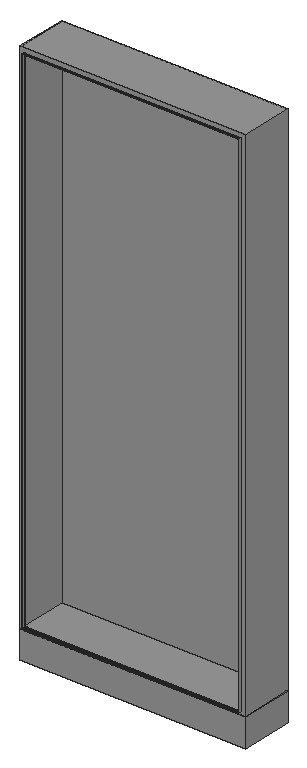
Revit family "Hager-Univers-IP30-D205-H1950-Cl.II-Encl-NoHosted-NL-en", category Equipement électrique, Revit 2020
Family settings
  Configuration du panneau = Deux colonnes, circuits au sein
  Cote de connecteur circulaire = Utiliser le diamètre
  Type d'élément = Tableau de raccordement
  Basée sur le plan de construction = Oui
  Toujours verticalement = Oui
  Couper avec des vides une fois chargée = Non
  Partagée = Non
  Point de calcul de pièce = Non
Parameters (values of type "Floor installation IP30 W800 H1950 D205  - FP23S1N")
  Width Control [instance] = if([EF000008 - Width] > Min Width, [EF000008 - Width], Min Width)  # 800 mm
  Commentaires du type = [HG000003 - Range]  # "Univers"
  Thickness Door [instance] = if([EF009171 - Material plate thickness door/cover] > 3 mm, 3 mm, [EF009171 - Material plate thickness door/cover])  # 1 mm
  Seal Frame Offset [instance] = 17 mm  # constant formula
  Plinth Visibility [instance] = [HG000027 - Plinth height] > 0 mm  # yes
  Min Width [instance] = 100 mm  # constant formula
  Min Depth [instance] = (2 * [EF009170 - Material plate thickness cabinet]) + 1 mm  # 3 mm
  Min Height [instance] = 100 mm  # constant formula
  Internal Frame Depth [instance] = (Door System Depth * 0.5)  # 9 mm
  Panel Name [instance] = ""  # (empty or 0)
  Model = ""
  HG000027 - Plinth height = 100 mm
  HG000026 - Floor standing = yes
  HG000024 - Bottom section height = 600 mm
  HG000023 - Double section enclosure = no
  HG000016 - Door 3d visibility [instance] = yes
  HG000015 - Clearance visibility [instance] = no
  HG000014 - Door on the right [instance] = yes
  HG000013 - Door on the left [instance] = not([HG000014 - Door on the right])  # no
  HG000012 - Door swing angle [instance] = 30.00°
  HG000010 - Asymmetric doors = no
  HG000009 - Double swing door = no
  HG000006 - Flush mounted = no
  HG000004 - Manufacturer reference = "FP23S1N"
  HG000003 - Range = "Univers"
  HG000002 - With door or cover = no
  Frame Offset Bottom [instance] = 10 mm  # constant formula
  Frame Offset [instance] = 15 mm  # constant formula
  EF015940 - Cover with overpressure release = no
  EF011959 - Degree of protection (NEMA) = ""
  EF009554 - Number of openings for flange plates = 6
  EF009212 - Cover model = "EV009916 - With notch"
  EF009171 - Material plate thickness door/cover = 1 mm
  EF009170 - Material plate thickness cabinet = 1 mm
  EF008873 - Nominal current (In) = 400 A
  EF007800 - Suitable for lightning protection = no
  EF006306 - With lock = no
  EF006244 - Transparent cover/door = no
  EF005474 - Degree of protection (IP) = "EV006410 - IP30"
  EF004464 - Type of door = "EV000494 - None"
  EF004427 - Number of modules = 432
  EF004293 - Impact strength = "EV006813 - IK07"
  EF003532 - Suitable for outdoor use = no
  EF002950 - Width in number of modular spacings = 36
  EF001613 - Circuit integrity = "EV000494 - None"
  EF001596 - Material housing = "EV000179 - Steel"
  EF001131 - Internal depth = 130 mm
  EF001088 - Extension possible = yes
  EF000437 - Number of conduit inlets = 6
  EF000339 - Type of cover = "EV000494 - None"
  EF000266 - Number of rows = 12
  EF000218 - Built-in depth = 0 mm
  EF000118 - With mounting plate = no
  EF000116 - RAL-number = "9010"
  EF000049 - Depth = 205 mm
  EF000040 - Height = 1950 mm
  EF000008 - Width = 800 mm
  EF000007 - Colour = "EV000202 - White"
  EF000003 - Mounting method = "EV012274 - Floor installation"
  Door System Leaf Tolerance [instance] = 1.5 mm  # constant formula
  Door System Depth [instance] = 18 mm  # constant formula
  Door Height [instance] = Height Control - [HG000027 - Plinth height]  # 1850 mm
  Description = ""
  Default Elevation = 1219.2 mm
  Connector Offset [instance] = Height Control / 2  # 975 mm
  Fabricant = "Hager"  # constant formula
  Height Control [instance] = if([EF000040 - Height] > Min Height, [EF000040 - Height], Min Height)  # 1950 mm
  Depth Control [instance] = if([EF000049 - Depth] > Min Depth, [EF000049 - Depth], Min Depth)  # 205 mm
  Bottom Top Plate Trim [instance] = 1.5 mm  # constant formula
  Plinth height Ctrl [instance] = if([HG000027 - Plinth height] > 0 mm, [HG000027 - Plinth height], 12 mm)  # 100 mm
Types (5, lengths in mm): name | Width Control | HG000004 - Manufacturer reference | EF009554 - Number of openings for flange plates | EF008873 - Nominal current (In) | EF004427 - Number of modules | EF002950 - Width in number of modular spacings | EF000437 - Number of conduit inlets | EF000008 - Width
  Floor installation IP30 W1050 H1950 D205  - FP24S1N | 1050 | "FP24S1N" | 8 | 400 A | 576 | 48 | 8 | 1050
  Floor installation IP30 W1300 H1950 D205  - FP25S1N | 1300 | "FP25S1N" | 10 | 400 A | 720 | 60 | 10 | 1300
  Floor installation IP30 W300 H1950 D205  - FP21S1N | 300 | "FP21S1N" | 2 | 250 A | 144 | 12 | 2 | 300
  Floor installation IP30 W550 H1950 D205  - FP22S1N | 550 | "FP22S1N" | 4 | 400 A | 288 | 24 | 4 | 550
  Floor installation IP30 W800 H1950 D205  - FP23S1N | 800 | "FP23S1N" | 6 | 400 A | 432 | 36 | 6 | 800
Reference planes
  plane 1 "Center (Front/Back)": y = 0
  plane 2: z = 0
  plane 3 "Center (Left/Right)": x = 0
  plane 4: y = 0
  plane 5: y = 0
  plane 6: z = 0
  plane 7: x = -400
  plane 8: x = 400
  plane 9: x = 399
  plane 10: x = -399
  plane 11: z = 100
  plane 12: z = 101
  plane 13: y = -205
  plane 14: y = -1
  plane 15: x = 0
  plane 16: y = -187
  plane 17: y = -204
  plane 18: y = -186
  plane 19: x = -384
  plane 20: x = 384
  plane 21: z = 111
  plane 22: x = -383
  plane 23: x = 383
  plane 24: z = 100
  plane 25: z = 1950
  plane 26: z = 1950
  plane 27: z = 1934
  plane 28: z = 1949
Forms (mm)
  Extrusion 1, solid, material "Hager_Steel_RAL7035_Light_Grey", detail levels medium+fine
    sketch origin (-208.679, -4572, 100) x (-1, 0, 0) y (0, -1, 0)
      loop
        line (191.321, -4385) -> (-608.679, -4385) -> (-608.679, -4572) -> (191.321, -4572) -> (191.321, -4385)
    from 0 to 1850
  Extrusion 2, void
    sketch origin (-350.771, -205, 1219.2) x (1, 0, 0) y (0, 0, 1)
      loop
        line (-48.229, 729.8) -> (-48.229, -1118.2) -> (749.771, -1118.2) -> (749.771, 729.8) -> (-48.229, 729.8)
    from -19 to -204
  Extrusion 3, void
    sketch origin (-290.084, -187, 1219.2) x (1, 0, 0) y (0, 0, 1)
      loop
        line (-93.916, -1108.2) -> (674.084, -1108.2) -> (674.084, 714.8) -> (-93.916, 714.8) -> (-93.916, -1108.2)
    from 0 to -1
  Extrusion 4, solid, material "Hager_Steel_RAL7035_Light_Grey", visible <- "Plinth Visibility", detail levels medium+fine
    sketch origin (0, 0, 0) x (1, 0, 0) y (0, 1, 0)
      loop
        line (-400, 0) -> (-400, -187) -> (400, -187) -> (400, 0) -> (-400, 0)
    from 0 to 100 <- "Plinth height Ctrl"
  Extrusion 5, solid, material "Hager_Steel_RAL7035_Light_Grey", detail levels coarse
    sketch origin (0, 0, 0) x (1, 0, 0) y (0, 1, 0)
      loop
        line (-400, 0) -> (-400, -205) -> (400, -205) -> (400, 0) -> (-400, 0)
    from 0 to 1950 <- "Height Control"
  Sweep 6, void
    path in 3D
      loop
        line (-400, -187, 100) -> (400, -187, 100) -> (400, 0, 100) -> (-400, 0, 100) -> (-400, -187, 100)
    profile origin (-400, -93.5, 100) x (1, 0, 0) y (0, 0, 1)
      loop
        line (0, 0) -> (0, -1.5) -> (1.5, -1.5)
        arc (1.5, -1.5) -> (1.061, -0.439) -> (0, 0) r 1.5
  Extrusion 7, solid, material "Hager_Steel_RAL7035_Light_Grey", detail levels fine
    sketch origin (-400, -187, 100) x (1, 0, 0) y (0, 0, 1)
      loop
        line (16, 11) -> (784, 11) -> (784, 1834) -> (16, 1834) -> (16, 11)
      loop
        line (15, 10) -> (785, 10) -> (785, 1835) -> (15, 1835) -> (15, 10)
    from 0 to 9 <- "Internal Frame Depth"
Cuts and joins
  Extrusion 2, Extrusion 3 cuts Extrusion 1
  Sweep 6 cuts Extrusion 4
Lines and regions (mm)
  Masking region 1
    outline origin (0, 0, 0) x (1, 0, 0) y (0, 1, 0)
      loop
        line (-400, 0) -> (-400, -205) -> (400, -205) -> (400, 0) -> (-400, 0)
  Masking region 2, detail levels coarse
    outline origin (-290.084, -187, 1219.2) x (-1, 0, 0) y (0, 0, 1)
      loop
        line (-690.084, -1219.2) -> (109.916, -1219.2) -> (109.916, 730.8) -> (-690.084, 730.8) -> (-690.084, -1219.2)
  Masking region 3, detail levels coarse
    outline origin (0, 0, 0) x (0, 1, 0) y (0, 0, 1)
      loop
        line (0, 0) -> (0, 1950) -> (-205, 1950) -> (-205, 0) -> (0, 0)
  Masking region 4, visible <- "Plinth Visibility", detail levels medium+fine
    outline origin (0, 0, 0) x (0, 1, 0) y (0, 0, 1)
      loop
        line (-1.5, 100) -> (-185.5, 100)
        arc (-185.5, 100) -> (-185.939, 98.939) -> (-187, 98.5) r 1.5
        line (-187, 98.5) -> (-187, 0) -> (0, 0) -> (0, 98.5)
        arc (0, 98.5) -> (-1.061, 98.939) -> (-1.5, 100) r 1.5
  Masking region 5, detail levels medium+fine
    outline origin (0, 0, 594.038) x (0, 1, 0) y (0, 0, 1)
      loop
        line (0, -494.038) -> (0, 1355.962) -> (-187, 1355.962) -> (-187, -494.038) -> (0, -494.038)
  Masking region 6, detail levels medium+fine
    outline origin (-359.7, -187, 1211.883) x (-1, 0, 0) y (0, 0, 1)
      loop
        line (-759.7, -1111.883) -> (40.3, -1111.883) -> (40.3, 738.117) -> (-759.7, 738.117) -> (-759.7, -1111.883)
  Masking region 7, visible <- "Plinth Visibility", detail levels medium+fine
    outline origin (-320.334, -187, 1041.368) x (-1, 0, 0) y (0, 0, 1)
      loop
        line (-720.334, -1041.368) -> (79.666, -1041.368) -> (79.666, -942.868)
        arc (79.666, -942.868) -> (78.606, -942.429) -> (78.166, -941.368) r 1.5
        line (78.166, -941.368) -> (-718.834, -941.368)
        arc (-718.834, -941.368) -> (-719.273, -942.429) -> (-720.334, -942.868) r 1.5
        line (-720.334, -942.868) -> (-720.334, -1041.368)
  sketch lines
    curve 1: line (-400, 0, 100) -> (-400, -187, 100)
    curve 2: line (-400, -187, 100) -> (400, -187, 100)
    curve 3: line (400, 0, 100) -> (-400, 0, 100)
    curve 4: line (400, -187, 100) -> (400, 0, 100)
Dimensions and locks
  locked: plane 1 "Center (Front/Back)" to plane 5
  "EF009170 - Material plate thickness cabinet": plane 7 to plane 10
  "EF009170 - Material plate thickness cabinet": plane 8 to plane 9
  equal spacing: plane 7, plane 3 "Center (Left/Right)", plane 8
  "Width Control": plane 7 to plane 8
  "Depth Control": plane 4 to plane 13
  "EF009170 - Material plate thickness cabinet": plane 4 to plane 14
  "Height Control": plane 25 to level
  "HG000027 - Plinth height": plane 11 to level
  "EF009170 - Material plate thickness cabinet": plane 12 to plane 11
  "EF009170 - Material plate thickness cabinet": plane 17 to plane 13
  "EF009170 - Material plate thickness cabinet": plane 18 to plane 16
  "Frame Offset Bottom": plane 21 to plane 12
  "Frame Offset": plane 10 to plane 19
  "Frame Offset": plane 9 to plane 20
  "Door System Depth": plane 16 to plane 13
  "Seal Frame Offset": plane 7 to plane 22
  "Seal Frame Offset": plane 8 to plane 23
  "EF009170 - Material plate thickness cabinet": plane 26 to plane 28
  "Frame Offset": plane 28 to plane 27
  "Connector Offset": plane 2 to connector elem
  "Bottom Top Plate Trim": profile plane to Sweep 6 sketch curve
  "Bottom Top Plate Trim": Sweep 6 sketch curve to Sweep 6 sketch curve
  "Plinth height Ctrl": Masking region 4 sketch curve to level
  "Plinth height Ctrl": Masking region 7 sketch curve to level
  "Thickness Door": Extrusion 7 sketch curve to Extrusion 7 sketch curve  (x4)
  "Bottom Top Plate Trim": radius of Sweep 6 sketch curve
  "Bottom Top Plate Trim": radius of Masking region 4 sketch curve  (x2)
  "Bottom Top Plate Trim": radius of Masking region 7 sketch curve  (x2)
  aligned and locked: Extrusion 2 sketch curve to plane 12
  aligned and locked: Extrusion 2 sketch curve to plane 9
  aligned and locked: Extrusion 2 sketch curve to plane 10
  aligned and locked: Extrusion 2 to plane 14
  aligned and locked: Extrusion 1 sketch curve to plane 4
  aligned and locked: plane 8 to Extrusion 1 sketch curve
  aligned and locked: plane 7 to Extrusion 1 sketch curve
  aligned and locked: Extrusion 2 to plane 18
  aligned and locked: Extrusion 3 sketch curve to plane 19
  aligned and locked: plane 20 to Extrusion 3 sketch curve
  aligned and locked: Extrusion 3 to Extrusion 2
  aligned and locked: Extrusion 3 sketch curve to plane 21
  aligned and locked: plane 3 "Center (Left/Right)" to nested 1
  aligned and locked: Extrusion 1 sketch curve to plane 16
  aligned and locked: Extrusion 4 sketch curve to cut or joined group of Extrusion 1, Extrusion 2, Extrusion 3
  aligned and locked: Masking region 1 sketch curve to plane 7
  aligned and locked: Masking region 1 sketch curve to plane 5
  aligned and locked: Masking region 1 sketch curve to plane 8
  aligned and locked: Masking region 2 sketch curve to level
  aligned and locked: level to Masking region 3 sketch curve
  aligned and locked: plane 1 "Center (Front/Back)" to Masking region 3 sketch curve
  aligned and locked: plane 13 to Masking region 3 sketch curve
  aligned and locked: plane 5 to Masking region 4 sketch curve
  aligned and locked: Masking region 2 sketch curve to plane 8
  aligned and locked: Masking region 2 sketch curve to plane 7
  aligned and locked: plane 7 to nested 2
  aligned and locked: nested 2 to plane 5
  aligned and locked: plane 5 to Masking region 5 sketch curve
  aligned and locked: plane 26 to Masking region 5 sketch curve
  aligned and locked: Extrusion 5 sketch curve to plane 8
  aligned and locked: Extrusion 5 sketch curve to plane 7
  aligned and locked: Extrusion 5 sketch curve to plane 5
  aligned and locked: Extrusion 3 sketch curve to plane 27
  aligned and locked: Extrusion 2 sketch curve to plane 28
  aligned and locked: Masking region 2 to plane 25
  aligned and locked: Extrusion 4 to plane 16
  aligned and locked: profile plane to Sweep 6 sketch curve
  aligned and locked: Masking region 5 sketch curve to plane 24
  aligned and locked: level to Masking region 4 sketch curve
  aligned and locked: Masking region 1 to plane 13
  aligned and locked: nested 1 to plane 16
  aligned and locked: Masking region 3 to plane 25
  aligned and locked: plane 16 to Masking region 4 sketch curve
  aligned and locked: Masking region 5 sketch curve to plane 16
  aligned and locked: plane 24 to plane 11
  aligned and locked: plane 26 to plane 25
  aligned and locked: plane 26 to cut or joined group of Extrusion 1, Extrusion 2, Extrusion 3
  aligned and locked: nested 1 to plane 24
  aligned and locked: Extrusion 1 to Extrusion 3
  aligned and locked: Masking region 6 sketch curve to plane 8
  aligned and locked: Masking region 6 sketch curve to plane 24
  aligned and locked: Masking region 6 sketch curve to plane 7
  aligned and locked: Masking region 6 sketch curve to plane 26
  aligned and locked: Masking region 7 sketch curve to plane 7
  aligned and locked: level to Masking region 7 sketch curve
  aligned and locked: Masking region 7 sketch curve to plane 8
  aligned and locked: Extrusion 7 sketch curve to cut or joined group of Extrusion 1, Extrusion 2, Extrusion 3  (x4)
Automatic sketch dimensions
  plane 19 to Extrusion 3 sketch curve = 0 mm
  Extrusion 3 sketch curve to plane 20 = 0 mm
  Extrusion 3 sketch curve to plane 21 = 0 mm
  Extrusion 4 sketch curve to plane 7 = 0 mm
  Extrusion 4 sketch curve to plane 8 = 0 mm
  Extrusion 4 sketch curve to plane 16 = 0 mm
  Masking region 1 sketch curve to plane 13 = 0 mm
  Masking region 2 sketch curve to plane 25 = 0 mm
  Masking region 3 sketch curve to plane 25 = 0 mm
  Extrusion 5 sketch curve to plane 13 = 0 mm
  profile plane to Sweep 6 sketch curve = 0 mm
Nested families
  nested 1: "EC000058_Univers_Door" at (0, -187, 100), Double <- "HG000009 - Double swing door", Transparent <- "EF006244 - Transparent cover/door", Angle <- "HG000012 - Door swing angle", Door_Right <- "HG000014 - Door on the right", Assymetrical <- "HG000010 - Asymmetric doors", Door <- "HG000002 - With door or cover", Width_Ctrl <- "Width Control", 3d_Door <- "HG000016 - Door 3d visibility", Clearance <- "HG000015 - Clearance visibility", Door_Left <- "HG000013 - Door on the left", Width <- "Width Control", Door_Depth <- "Door System Depth", Leaf_Tolerance <- "Door System Leaf Tolerance", Height <- "Door Height", Lock_Visibility <- "EF006306 - With lock", Thickness <- "Thickness Door", type "EC000058_Univers_Door", detail levels medium+fine
    with min_wh 3 mm, Width_Ctrl 800 mm, Width 800 mm, Transparent no, Thickness 1 mm, Seal_Material Hager_Rubber, Lock_Visibility no, Lock_Material Hager_Plastic_RAL9005_Jet_Black, Leaf_Width 800 mm, Leaf_Tolerance_External_Sides 0 mm, Leaf_Tolerance 1.5 mm, Leaf_Offset 0 mm, Leaf_Height 1847 mm, Leaf_2_Width 800 mm, Leaf_2_Offset 400 mm, Leaf_1_Width 800 mm, Leaf_1_Offset 400 mm, Height_Ctrl 1850 mm, Height 1850 mm, Glass_Material Hager_Glass, Double_Clearance_Ctrl no, Double no, Door_Right_Ctrl no, Door_Right yes, Door_Material Hager_Steel_RAL7035_Light_Grey, Door_Left_Ctrl no, Door_Left no, Door_Depth 18 mm, Door no, Clearance_Material Hager_Clearance, Clearance_Depth 800 mm, Clearance_Ctrl no, Clearance no, Assymetrical no, Angle 30.00°, 3d_Door yes
  nested 2: "Hager_Enclosure_Symbol" at (-400, 0, 0), Height <- "Depth Control", Width <- "Width Control", type "Hager_Enclosure_Symbol"
    with Width_Ctrl 800 mm, Width 800 mm, Height_Ctrl 205 mm, Height 205 mm, A_Width_Int 13.453 mm, A_Width 161.438 mm, A_Height_Ctrl 179.375 mm, A_Height 179.375 mm
Connectors
  electrical at (0, 0, 975)
    settings: on plane 1 "Center (Front/Back)", index 1, voltage 0 V, apparent load 0 VA, apparent load phase1 0 VA, apparent load phase2 0 VA, apparent load phase3 0 VA, power factor 1, load classification "Other", number of poles 1, system type 30, power factor state 1, is connector primary yes, connector utility no, sub classification motor no, connector description ""
Definition of nested family "EC000058_Univers_Door"
  Parameters (values of type "EC000058_Univers_Door")
    min_wh [instance] = (2 * Thickness) + 1 mm  # 11 mm
    Width_Ctrl [instance] = 400 mm
    Width [instance] = 500 mm
    Transparent [instance] = yes
    Thickness [instance] = 5 mm
    Seal_Material [instance] = none
    Lock_Visibility [instance] = yes
    Lock_Material [instance] = none
    Leaf_Width [instance] = if((Width_Ctrl - 2 * Leaf_Tolerance_External_Sides) > 0 mm, (Width_Ctrl - 2 * Leaf_Tolerance_External_Sides), min_wh)  # 400 mm
    Leaf_Tolerance_External_Sides [instance] = 0 mm  # constant formula
    Leaf_Tolerance [instance] = 1.5 mm
    Leaf_Offset [instance] = 0 mm  # constant formula
    Leaf_Height [instance] = if((Height_Ctrl - 2 * Leaf_Tolerance) > 0 mm, (Height_Ctrl - 2 * Leaf_Tolerance), min_wh)  # 497 mm
    Leaf_2_Width [instance] = if(and(and(Double, Assymetrical), Door_Left), (Leaf_Width / 3) - (Leaf_Tolerance / 2), if(and(and(Double, Assymetrical), Door_Right), (Leaf_Width / 3) * 2 - (Leaf_Tolerance / 2), if(and(Double, not(Assymetrical)), (Leaf_Width / 2) - Leaf_Tolerance, Leaf_Width)))  # 400 mm
    Leaf_2_Offset [instance] = if(and(Double, Assymetrical), Leaf_2_Width / 2, if(and(Double, not(Assymetrical)), Leaf_Width / 4, Leaf_Width / 2))  # 200 mm
    Leaf_1_Width [instance] = if(and(and(Double, Assymetrical), Door_Right), (Leaf_Width / 3) - (Leaf_Tolerance / 2), if(and(and(Double, Assymetrical), Door_Left), (Width / 3) * 2 - (Leaf_Tolerance / 2), if(and(Double, not(Assymetrical)), (Leaf_Width / 2) - Leaf_Tolerance, Leaf_Width)))  # 400 mm
    Leaf_1_Offset [instance] = if(and(Double, Assymetrical), Leaf_1_Width / 2, if(and(Double, not(Assymetrical)), Leaf_Width / 4, Leaf_Width / 2))  # 200 mm
    Height_Ctrl [instance] = if(Height > min_wh, Height, min_wh)  # 500 mm
    Height [instance] = 500 mm
    Glass_Material [instance] = none
    Double_Clearance_Ctrl [instance] = and(Double, Clearance)  # no
    Double [instance] = no
    Door_Right_Ctrl [instance] = and(or(Door_Right, Double), Door)  # yes
    Door_Right [instance] = yes
    Door_Material [instance] = none
    Door_Left_Ctrl [instance] = and(or(Door_Left, Double), Door)  # no
    Door_Left [instance] = no
    Door_Depth [instance] = 30 mm
    Door [instance] = yes
    Default Elevation = 1219.2 mm
    Clearance_Material [instance] = none
    Clearance_Depth [instance] = if(Leaf_1_Width > Leaf_2_Width, Leaf_1_Width, Leaf_2_Width)  # 400 mm
    Clearance_Ctrl [instance] = and(not(Double), Clearance)  # yes
    Clearance [instance] = yes
    Assymetrical [instance] = yes
    Angle [instance] = 30.00°
    3d_Door [instance] = yes
  Reference planes
    plane 1 "Center (Front/Back)": y = 0
    plane 2 "Bottom": z = 0
    plane 3 "Center (Left/Right)": x = 0
    plane 4: z = 500
    plane 5: x = -200
    plane 6: x = 200
    plane 7: z = 500
    plane 8: x = -200
    plane 9: z = 0
    plane 10: x = 200
    plane 11: y = 0
    plane 12: z = 1.5
    plane 13: x = -600
    plane 14: y = -400
    plane 15: x = 600
    plane 16: x = 0
    plane 17: x = 0
    plane 18: x = -200
    plane 19: x = 200
    plane 20: z = 498.5
  Forms (mm)
    Extrusion 1, solid, material <- "Clearance_Material", visible <- "Double_Clearance_Ctrl"
      sketch origin (1200, 0, 0) x (1, 0, 0) y (0, 0, -1)
        loop
          line (-1800, -498.5) -> (-600, -498.5) -> (-600, 0) -> (-1800, 0) -> (-1800, -498.5)
      from 0 to -400
  Dimensions and locks
    equal spacing: plane 5, plane 3 "Center (Left/Right)", plane 6
    "Width_Ctrl": plane 5 to plane 6
    "Leaf_Offset": plane 5 to plane 8
    "Leaf_Offset": plane 6 to plane 10
    "Leaf_Offset": plane 9 to level
    "Leaf_Offset": plane 4 to plane 7
    "Height_Ctrl": plane 4 to level
    "Leaf_Tolerance": plane 12 to plane 9
    locked: plane 11 to plane 1 "Center (Front/Back)"
    "Leaf_1_Offset": plane 18 to plane 16
    "Leaf_2_Offset": plane 17 to plane 19
    "Leaf_1_Width": plane 13 to plane 8
    "Leaf_2_Width": plane 10 to plane 15
    "Clearance_Depth": plane 14 to plane 1 "Center (Front/Back)"
    "Leaf_Tolerance_External_Sides": plane 8 to plane 18
    "Leaf_Tolerance_External_Sides": plane 19 to plane 10
    "Leaf_Tolerance": plane 7 to plane 20
    aligned and locked: level to plane 2 "Bottom"
    aligned and locked: nested 1 to plane 16
    aligned and locked: nested 2 to plane 17
    aligned and locked: Extrusion 1 to plane 13
    aligned and locked: plane 15 to Extrusion 1
    aligned and locked: Extrusion 1 to plane 14
    aligned and locked: plane 12 to nested 1
    aligned and locked: nested 2 to plane 12
    aligned and locked: Extrusion 1 to plane 11
    aligned and locked: plane 20 to Extrusion 1
    aligned and locked: nested 2 to plane 11
    aligned and locked: nested 1 to plane 11
  Automatic sketch dimensions
    Extrusion 1 sketch curve to level = 0 mm
    plane 5 to Extrusion 1 sketch curve = 400 mm
    plane 6 to Extrusion 1 sketch curve = 400 mm
    Extrusion 1 sketch curve to plane 4 = 1.5 mm
  Nested families
    nested 1: "EC000058_Univers_Door_Leaf" at (0, 0, 1.5), Width <- "Leaf_1_Width", visible <- "Door_Left_Ctrl", Leaf_Height <- "Leaf_Height", Angle <- "Angle", 3d_Door <- "3d_Door", Transparent <- "Transparent", Clearance Material <- "Clearance_Material", Clearance <- "Clearance_Ctrl", Door_Material <- "Door_Material", Glass_Material <- "Glass_Material", Door_Depth <- "Door_Depth", Lock_Material <- "Lock_Material", Seal_Material <- "Seal_Material", Lock_Visibility <- "Lock_Visibility", Thickness <- "Thickness", type "EC000058_Univers_Door_Leaf"
      with Width 400 mm, Transparent_Glass_Offset 30 mm, Transparent_Ctrl yes, Transparent yes, Thickness 5 mm, Standard no, Seal_Material none, Seal_D2 8 mm, Seal_D1 1 mm, Offset_Internal_Frame 10 mm, Lock_Width 20 mm, Lock_Visibility_3d yes, Lock_Visibility yes, Lock_Thickness_3 3 mm, Lock_Thickness_2 1 mm, Lock_Thickness_1 3 mm, Lock_Radius_Offset_2 16 mm, Lock_Radius_Offset_1 15 mm, Lock_Radius_2 5 mm, Lock_Radius 6 mm, Lock_Offset 5 mm, Lock_Material none, Lock_Height 80 mm, Lock_Cover_Top_Offset_2d 17 mm, Lock_Cover_Height -65 mm, Leaf_Height 497 mm, Internal_Seal_Thickness 8 mm, Internal_Seal_Depth_2 4.5 mm, Internal_Frame_Depth 25 mm, Glass_Thickness -1 mm, Glass_Offset -2 mm, Glass_Material none, Door_Material none, Door_Depth 30 mm, Clearance Material none, Clearance yes, Angle_Ctrl 30.00°, Angle 30.00°, 3d_Door yes
    nested 2: "EC000058_Univers_Door_Leaf" at (0, 0, 1.5) x (-1, 0, 0) z (0, 0, 1), Width <- "Leaf_2_Width", visible <- "Door_Right_Ctrl", Leaf_Height <- "Leaf_Height", Angle <- "Angle", 3d_Door <- "3d_Door", Transparent <- "Transparent", Clearance Material <- "Clearance_Material", Clearance <- "Clearance_Ctrl", Door_Material <- "Door_Material", Glass_Material <- "Glass_Material", Door_Depth <- "Door_Depth", Lock_Material <- "Lock_Material", Seal_Material <- "Seal_Material", Lock_Visibility <- "Lock_Visibility", Thickness <- "Thickness", type "EC000058_Univers_Door_Leaf"
      with Width 400 mm, Transparent_Glass_Offset 30 mm, Transparent_Ctrl yes, Transparent yes, Thickness 5 mm, Standard no, Seal_Material none, Seal_D2 8 mm, Seal_D1 1 mm, Offset_Internal_Frame 10 mm, Lock_Width 20 mm, Lock_Visibility_3d yes, Lock_Visibility yes, Lock_Thickness_3 3 mm, Lock_Thickness_2 1 mm, Lock_Thickness_1 3 mm, Lock_Radius_Offset_2 16 mm, Lock_Radius_Offset_1 15 mm, Lock_Radius_2 5 mm, Lock_Radius 6 mm, Lock_Offset 5 mm, Lock_Material none, Lock_Height 80 mm, Lock_Cover_Top_Offset_2d 17 mm, Lock_Cover_Height -65 mm, Leaf_Height 497 mm, Internal_Seal_Thickness 8 mm, Internal_Seal_Depth_2 4.5 mm, Internal_Frame_Depth 25 mm, Glass_Thickness -1 mm, Glass_Offset -2 mm, Glass_Material none, Door_Material none, Door_Depth 30 mm, Clearance Material none, Clearance yes, Angle_Ctrl 30.00°, Angle 30.00°, 3d_Door yes
  Definition of nested family "EC000058_Univers_Door_Leaf"
    Parameters (values of type "EC000058_Univers_Door_Leaf")
      Width [instance] = 2000 mm
      Transparent_Glass_Offset [instance] = 30 mm
      Transparent_Ctrl [instance] = and(Transparent, [3d_Door])  # yes
      Transparent [instance] = yes
      Thickness [instance] = 5 mm
      Standard [instance] = and(not(Transparent), [3d_Door])  # no
      Seal_Material [instance] = none
      Seal_D2 [instance] = 8 mm  # constant formula
      Seal_D1 [instance] = 1 mm  # constant formula
      Offset_Internal_Frame [instance] = 10 mm  # constant formula
      Lock_Width [instance] = 20 mm  # constant formula
      Lock_Visibility_3d [instance] = and(Lock_Visibility, [3d_Door])  # yes
      Lock_Visibility [instance] = yes
      Lock_Thickness_3 [instance] = 3 mm  # constant formula
      Lock_Thickness_2 [instance] = 1 mm  # constant formula
      Lock_Thickness_1 [instance] = 3 mm  # constant formula
      Lock_Radius_Offset_2 [instance] = Lock_Radius_Offset_1 + 1 mm  # 16 mm
      Lock_Radius_Offset_1 [instance] = 15 mm  # constant formula
      Lock_Radius_2 [instance] = Lock_Radius - 1 mm  # 5 mm
      Lock_Radius [instance] = 6 mm  # constant formula
      Lock_Offset [instance] = 5 mm  # constant formula
      Lock_Material [instance] = none
      Lock_Height [instance] = 80 mm  # constant formula
      Lock_Cover_Top_Offset_2d [instance] = Lock_Radius_Offset_2 + 1 mm  # 17 mm
      Lock_Cover_Height [instance] = -(Lock_Height - Lock_Radius_Offset_1)  # -65 mm
      Leaf_Height [instance] = 2720.336 mm
      Internal_Seal_Thickness [instance] = 8 mm  # constant formula
      Internal_Seal_Depth_2 [instance] = 4.5 mm  # constant formula
      Internal_Frame_Depth [instance] = if(Door_Depth - Thickness > 5 mm, Door_Depth - Thickness, 5 mm)  # 25 mm
      Glass_Thickness [instance] = if(Thickness > 15 mm, Glass_Offset + 10 mm, -1 mm)  # -1 mm
      Glass_Offset [instance] = if(Thickness > 15 mm, -(Thickness + 10 mm) / 2, -2 mm)  # -2 mm
      Glass_Material [instance] = none
      Door_Material [instance] = none
      Door_Depth [instance] = 30 mm
      Default Elevation = 0 mm
      Clearance Material [instance] = none
      Clearance [instance] = yes
      Angle_Ctrl [instance] = if(Angle > 180.00°, 180.00°, Angle)  # 90.00°
      Angle [instance] = 90.00°
      3d_Door [instance] = yes
    Reference planes
      plane 1 "Center (Front/Back)": y = 0
      plane 2: z = 0
      plane 3 "Center (Left/Right)": x = 0
      plane 4: y = 2000
      plane 5: x = -1000
      plane 6: x = 1000
      plane 7: x = -3000
      plane 8: z = 2720.336
      plane 9: z = 30
      plane 10: z = 2690.336
      plane 11: x = 970
      plane 12: x = -970
      plane 13: y = -3
      plane 14: z = 107.833
      plane 15: y = -5
      plane 16: y = -223.314
      plane 17: x = -1000
      plane 18: z = 1360.168
      plane 19: y = 30
    Forms (mm)
      Extrusion 1, solid, material <- "Clearance Material", visible <- "Clearance"
        sketch origin (0, 0, 0) x (1, 0, 0) y (0, 0, 1)
          loop
            line (-3000, 2720.336) -> (-3000, 0) -> (1000, 0) -> (1000, 2720.336) -> (-3000, 2720.336)
        from 0 to -2000
      Extrusion 2, solid, material <- "Door_Material", visible <- "Standard", detail levels medium+fine
        sketch origin (-1000, 0, 0) x (0, 1, 0) y (-1, 0, 0)
          loop
            line (0, 30) -> (0, 25) -> (2000, 25) -> (2000, 30) -> (0, 30)
        from 0 to 2720.336 <- "Leaf_Height"
      Extrusion 3, solid, material <- "Door_Material", visible <- "Transparent_Ctrl", detail levels medium+fine
        sketch origin (-1000, 0, 0) x (0, 1, 0) y (-1, 0, 0)
          loop
            line (0, 25) -> (2000, 25) -> (2000, 30) -> (0, 30) -> (0, 25)
        from 0 to 2720.336 <- "Leaf_Height"
      Extrusion 4, void
        sketch origin (-1025, 2000, 0) x (0, 1, 0) y (0, 0, -1)
          loop
            line (-30, -2690.336) -> (-30, -30) -> (-1970, -30) -> (-1970, -2690.336) -> (-30, -2690.336)
        from 0 to 5 <- "Thickness"
      Sweep 5, solid, material <- "Seal_Material", visible <- "Transparent_Ctrl", detail levels fine
        path in 3D
          loop
            line (-1025, 30, 30) -> (-1025, 30, 2690.336) -> (-1025, 1970, 2690.336) -> (-1025, 1970, 30) -> (-1025, 30, 30)
        profile origin (-1025, 1000, 30) x (1, 0, 0) y (0, 0, 1)
          loop
            line (0, 0) -> (0, -8) -> (1, -8) -> (1, 0) -> (0, 0)
      Extrusion 6, solid, material <- "Glass_Material", visible <- "Transparent_Ctrl", detail levels medium+fine
        sketch origin (-1030, 0, 0) x (0, 1, 0) y (0, 0, -1)
          loop
            line (1970, -2690.336) -> (1970, -30) -> (30, -30) -> (30, -2690.336) -> (1970, -2690.336)
        from -2 <- "Glass_Offset" to -1 <- "Glass_Thickness"
      Extrusion 7, solid, material <- "Door_Material", visible <- "3d_Door", detail levels medium+fine
        sketch origin (-1025, 2000, 0) x (0, -1, 0) y (0, 0, -1)
          loop
            line (0, -2720.336) -> (2000, -2720.336) -> (2000, 0) -> (0, 0) -> (0, -2720.336)
          loop
            line (1995, -5) -> (5, -5) -> (5, -2715.336) -> (1995, -2715.336) -> (1995, -5)
        from 0 to 25 <- "Internal_Frame_Depth"
      Sweep 8, solid, material <- "Seal_Material", visible <- "Transparent_Ctrl", detail levels fine
        path in 3D
          loop
            line (-1025, 0, 0) -> (-1025, 2000, 0) -> (-1025, 2000, 2720.336) -> (-1025, 0, 2720.336) -> (-1025, 0, 0)
        profile origin (-1025, 0, 1360.168) x (1, 0, 0) y (0, 1, 0)
          loop
            line (0, 10) -> (2.975, 10)
            arc (2.975, 10) -> (4.053, 10.447) -> (4.5, 11.525) r 1.525
            line (4.5, 11.525) -> (4.5, 16.527)
            arc (4.5, 16.527) -> (4.069, 17.569) -> (3.027, 18) r 1.473
            line (3.027, 18) -> (0, 18) -> (0, 10)
      Extrusion 9, solid, material <- "Lock_Material", visible <- "Lock_Visibility_3d", detail levels fine
        sketch origin (-1030, 0, 0) x (0, 1, 0) y (0, 0, -1)
          loop
            arc (1993.5, -1400.168) -> (1994.561, -1399.729) -> (1995, -1398.668) r 1.5
            line (1995, -1398.668) -> (1995, -1320.168) -> (1975, -1320.168) -> (1975, -1398.668)
            arc (1975, -1398.668) -> (1975.439, -1399.729) -> (1976.5, -1400.168) r 1.5
            line (1976.5, -1400.168) -> (1993.5, -1400.168)
        from 3 <- "Lock_Thickness_1" to 0
      Blend 10, solid, material <- "Lock_Material", visible <- "Lock_Visibility_3d", detail levels fine
        base sketch origin (-1033, 0, 0) x (0, 1, 0) y (0, 0, -1)
          loop
            line (1975, -1320.168) -> (1975, -1398.668)
            arc (1975, -1398.668) -> (1975.439, -1399.729) -> (1976.5, -1400.168) r 1.5
            line (1976.5, -1400.168) -> (1993.5, -1400.168)
            arc (1993.5, -1400.168) -> (1994.561, -1399.729) -> (1995, -1398.668) r 1.5
            line (1995, -1398.668) -> (1995, -1320.168) -> (1975, -1320.168)
        top sketch origin (-1033, 0, 0) x (0, 1, 0) y (0, 0, -1)
          loop
            line (1976, -1320.168) -> (1976, -1398.668)
            arc (1976, -1398.668) -> (1976.146, -1399.022) -> (1976.5, -1399.168) r 0.5
            line (1976.5, -1399.168) -> (1993.5, -1399.168)
            arc (1993.5, -1399.168) -> (1993.854, -1399.022) -> (1994, -1398.668) r 0.5
            line (1994, -1398.668) -> (1994, -1320.168) -> (1976, -1320.168)
        from 0 to 1 <- "Lock_Thickness_2"
      Blend 11, solid, material <- "Lock_Material", visible <- "Lock_Visibility_3d", detail levels fine
        base sketch origin (-1034, 0, 0) x (0, 1, 0) y (0, 0, -1)
          loop
            line (1978, -1320.168) -> (1978, -1384.168)
            arc (1978, -1384.168) -> (1985, -1391.168) -> (1992, -1384.168) r 7
            line (1992, -1384.168) -> (1992, -1320.168) -> (1978, -1320.168)
        top sketch origin (-1034, 0, 0) x (0, 1, 0) y (0, 0, -1)
          loop
            line (1991, -1320.168) -> (1979, -1320.168) -> (1979, -1383.168)
            arc (1979, -1383.168) -> (1985, -1389.168) -> (1991, -1383.168) r 6
            line (1991, -1383.168) -> (1991, -1320.168)
        from 0 to 3 <- "Lock_Thickness_3"
      Extrusion 12, solid, material <- "Lock_Material", visible <- "Lock_Visibility_3d", detail levels fine
        sketch origin (-1030, 1975, 1320.168) x (1, 0, 0) y (0, -1, 0)
          loop
            line (-7, -19) -> (-7, -1) -> (0, -1) -> (0, 0) -> (-8, 0) -> (-8, -20) -> (0, -20) -> (0, -19) -> (-7, -19)
        from 0 to -65 <- "Lock_Cover_Height"
      Extrusion 13, void
        sketch origin (-1038, 1995, 1320.168) x (-1, 0, 0) y (0, 0, -1)
          loop
            line (-5, -65) -> (0, -65) -> (-5, -60) -> (-5, -65)
        from 0 to 20 <- "Lock_Width"
      Extrusion 14, void
        sketch origin (-1038, 1975, 1320.168) x (0, -1, 0) y (0, 0, -1)
          loop
            circle (-10, -15.995) r 6
          loop
            circle (-10, -15.995) r 5
        from 0 to 2
      Extrusion 15, solid, material <- "Lock_Material", visible <- "Lock_Visibility_3d", detail levels medium
        sketch origin (-1030, 0, 0) x (0, 1, 0) y (0, 0, -1)
          loop
            arc (1993.5, -1400.168) -> (1994.561, -1399.729) -> (1995, -1398.668) r 1.5
            line (1995, -1398.668) -> (1995, -1320.168) -> (1975, -1320.168) -> (1975, -1398.668)
            arc (1975, -1398.668) -> (1975.439, -1399.729) -> (1976.5, -1400.168) r 1.5
            line (1976.5, -1400.168) -> (1993.5, -1400.168)
        from 8 to 0
    Cuts and joins
      Extrusion 4 cuts Extrusion 3
      Extrusion 13, Extrusion 14 cuts Extrusion 9
      Extrusion 14 cuts Blend 11
      Extrusion 13, Extrusion 14 cuts Extrusion 12
      joined: Extrusion 9, Blend 10, Blend 11, Extrusion 12
      Extrusion 14 cuts Extrusion 15
    Lines and regions (mm)
      Masking region 1, visible <- "Lock_Visibility", detail levels fine
        outline origin (0, 0, 0) x (0, 1, 0) y (0, 0, 1)
          loop
            line (30, 1320.168) -> (33, 1320.168) -> (33, 1400.168) -> (30, 1400.168) -> (30, 1320.168)
      Masking region 2, visible <- "Lock_Visibility", detail levels fine
        outline origin (0, 3.143, 0) x (0, 1, 0) y (0, 0, 1)
          loop
            line (29.857, 1354.168) -> (30.857, 1354.168) -> (30.857, 1366.168) -> (29.857, 1366.168) -> (29.857, 1354.168)
      Masking region 3, detail levels medium+fine
        outline origin (0, 0, 0) x (0, 1, 0) y (0, 0, 1)
          loop
            line (0, 0) -> (30, 0) -> (30, 2720.336) -> (0, 2720.336) -> (0, 0)
      Masking region 4, detail levels medium+fine
        outline origin (0, 0, 0) x (1, 0, 0) y (0, 0, 1)
          loop
            line (-1000, 2720.336) -> (-1000, 0) -> (1000, 0) -> (1000, 2720.336) -> (-1000, 2720.336)
      Masking region 5, visible <- "Lock_Visibility", detail levels fine
        outline origin (-47.116, 0, 0) x (1, 0, 0) y (0, 0, 1)
          loop
            arc (1024.616, 1399.168) -> (1023.556, 1398.729) -> (1023.116, 1397.668) r 1.5
            line (1023.116, 1397.668) -> (1023.116, 1320.168) -> (1041.116, 1320.168) -> (1041.116, 1397.668)
            arc (1041.116, 1397.668) -> (1040.677, 1398.729) -> (1039.616, 1399.168) r 1.5
            line (1039.616, 1399.168) -> (1024.616, 1399.168)
      Masking region 6, visible <- "Lock_Visibility", detail levels medium+fine
        outline origin (-25, 0, 0) x (1, 0, 0) y (0, 0, 1)
          loop
            arc (1001.5, 1400.168) -> (1000.439, 1399.729) -> (1000, 1398.668) r 1.5
            line (1000, 1398.668) -> (1000, 1320.168) -> (1020, 1320.168) -> (1020, 1398.668)
            arc (1020, 1398.668) -> (1019.561, 1399.729) -> (1018.5, 1400.168) r 1.5
            line (1018.5, 1400.168) -> (1001.5, 1400.168)
      Masking region 7, visible <- "Lock_Visibility", detail levels fine
        outline origin (-73.735, 0, 0) x (1, 0, 0) y (0, 0, 1)
          loop
            line (1051.735, 1382.168) -> (1065.735, 1382.168) -> (1065.735, 1384.168)
            arc (1065.735, 1384.168) -> (1058.735, 1391.168) -> (1051.735, 1384.168) r 7
            line (1051.735, 1384.168) -> (1051.735, 1382.168)
      Masking region 8, visible <- "Lock_Visibility", detail levels fine
        outline origin (-73.735, 0, 0) x (1, 0, 0) y (0, 0, 1)
          loop
            line (1052.735, 1382.168) -> (1064.735, 1382.168) -> (1064.735, 1383.168)
            arc (1064.735, 1383.168) -> (1058.735, 1389.168) -> (1052.735, 1383.168) r 6
            line (1052.735, 1383.168) -> (1052.735, 1382.168)
      Masking region 9, visible <- "Lock_Visibility", detail levels fine
        outline origin (-25, 0, 0) x (1, 0, 0) y (0, 0, 1)
          loop
            line (1020, 1320.168) -> (1020, 1382.168) -> (1000, 1382.168) -> (1000, 1320.168) -> (1020, 1320.168)
      Masking region 10, detail levels medium+fine
        outline origin (0, 0, 0) x (1, 0, 0) y (0, 0, 1)
          loop
            circle (985, 1335.144) r 6
      Masking region 11, detail levels fine
        outline origin (0, 0, 0) x (1, 0, 0) y (0, 0, 1)
          loop
            circle (985, 1335.144) r 5
      Masking region 12, visible <- "Lock_Visibility", detail levels fine
        outline origin (0, 12.767, 0) x (0, 1, 0) y (0, 0, 1)
          loop
            line (20.233, 1320.168) -> (21.233, 1320.168) -> (21.233, 1399.168) -> (20.233, 1400.168) -> (20.233, 1320.168)
      Masking region 13, visible <- "Lock_Visibility", detail levels fine
        outline origin (0, 13.767, -10) x (0, 1, 0) y (0, 0, 1)
          loop
            line (20.233, 1330.168) -> (23.233, 1330.168) -> (23.233, 1399.168) -> (20.233, 1402.168) -> (20.233, 1330.168)
      Masking region 14, visible <- "Lock_Visibility", detail levels fine
        outline origin (0, 12.767, -10) x (0, 1, 0) y (0, 0, 1)
          loop
            line (20.233, 1330.168) -> (25.233, 1330.168) -> (25.233, 1399.305) -> (20.233, 1394.305) -> (20.233, 1330.168)
      Masking region 15, visible <- "Lock_Visibility", detail levels medium
        outline origin (0, 0, 0) x (0, 1, 0) y (0, 0, 1)
          loop
            line (30, 1320.168) -> (38, 1320.168) -> (38, 1400.168) -> (30, 1400.168) -> (30, 1320.168)
      Masking region 16, visible <- "Lock_Visibility", detail levels fine
        outline origin (-1000, 0, 0) x (0, 1, 0) y (-1, 0, 0)
          loop
            line (1975, 30) -> (1995, 30) -> (1995, 38) -> (1975, 38) -> (1975, 30)
          loop
            line (1979, 37) -> (1976, 37) -> (1976, 34) -> (1978, 34) -> (1979, 37)
          loop
            line (1994, 37) -> (1991, 37) -> (1992, 34) -> (1994, 34) -> (1994, 37)
      Masking region 17, visible <- "Lock_Visibility", detail levels medium
        outline origin (-1000, 0, 0) x (0, 1, 0) y (-1, 0, 0)
          loop
            line (1975, 30) -> (1995, 30) -> (1995, 38) -> (1975, 38) -> (1975, 30)
      symbolic lines
        curve 1: line (1000, 0, 0) -> (-3000, 0, 0)
        curve 2: arc (1000, 0, 0) -> (-1000, 2000, 0) -> (-3000, 0, 0) r 2000
        curve 4: line (-1030, 0, 0) -> (-1030, 2000, 0)
      reference lines
        curve 3: line (-1000, 0, 0) -> (-1000, 2000, 0)
      symbolic lines, detail levels medium+fine
        curve 5: line (-1030, 2000, 0) -> (-1025, 2000, 0)
        curve 7: line (-1025, 0, 0) -> (-1030, 0, 0)
        curve 8: line (-1025, 0, 0) -> (-1000, 0, 0)
        curve 9: line (-1000, 0, 0) -> (-1000, 2000, 0)
        curve 10: line (-1000, 2000, 0) -> (-1025, 2000, 0)
      symbolic lines, detail levels fine
        curve 6: line (-1025, 2000, 0) -> (-1025, 0, 0)
      sketch lines
        curve 11: line (-1025, 0, 2720.336) -> (-1025, 0, 0)
        curve 12: line (-1025, 2000, 0) -> (-1025, 0, 0)
        curve 13: line (-1025, 2000, 2720.336) -> (-1025, 2000, 0)
        curve 14: line (-1025, 0, 2720.336) -> (-1025, 2000, 2720.336)
        curve 15: line (-1025, 1970, 30) -> (-1025, 30, 30)
        curve 16: line (-1025, 30, 30) -> (-1025, 30, 2690.336)
        curve 17: line (-1025, 1970, 2690.336) -> (-1025, 1970, 30)
        curve 18: line (-1025, 30, 2690.336) -> (-1025, 1970, 2690.336)
      symbolic lines, visible <- "Transparent", detail levels medium+fine
        curve 19: line (-970, 0, 2690.336) -> (970, 0, 2690.336)
        curve 20: line (-970, 0, 30) -> (-970, 0, 2690.336)
        curve 21: line (970, 0, 30) -> (-970, 0, 30)
        curve 22: line (970, 0, 2690.336) -> (970, 0, 30)
    Dimensions and locks
      "Width": plane 1 "Center (Front/Back)" to plane 4
      equal spacing: plane 5, plane 3 "Center (Left/Right)", plane 6
      "Width": plane 5 to plane 6
      "Width": plane 7 to plane 5
      "Leaf_Height": plane 8 to level
      "Width": curve 5 to curve 3
      "Width": curve 3 to curve 3
      plane 8 to plane 10 = 30 mm
      plane 9 to level = 30 mm
      plane 12 to plane 5 = 30 mm
      plane 6 to plane 11 = 30 mm
      Extrusion 1 to Extrusion 4 sketch curve = 30 mm
      "Transparent_Glass_Offset": curve 3 to Extrusion 4 sketch curve
      "Transparent_Glass_Offset": Extrusion 4 sketch curve to cut or joined group of Extrusion 3, Extrusion 4  (x2)
      cut or joined group of Extrusion 3, Extrusion 4 to Extrusion 6 sketch curve = 30 mm
      "Transparent_Glass_Offset": cut or joined group of Extrusion 3, Extrusion 4 to Extrusion 4 sketch curve
      "Thickness": curve 6 to curve 4
      "Thickness": Extrusion 7 sketch curve to Extrusion 7 sketch curve  (x4)
      "Door_Depth": curve 4 to curve 3
      "Offset_Internal_Frame": profile plane to Sweep 8 sketch curve
      "Internal_Seal_Thickness": Sweep 8 sketch curve to Sweep 8 sketch curve
      "Internal_Seal_Depth_2": profile plane to Sweep 8 sketch curve
      "Seal_D1": profile plane to Sweep 5 sketch curve
      "Seal_D2": profile plane to Sweep 5 sketch curve
      "Thickness": Extrusion 2 sketch curve to Extrusion 2 sketch curve
      equal spacing: Extrusion 9 sketch curve, plane 18, Extrusion 9 sketch curve  (x2)
      equal spacing: Masking region 1 sketch curve, plane 18, Masking region 1 sketch curve
      "Lock_Height": Masking region 1 sketch curve to Masking region 1 sketch curve
      "Lock_Radius": Masking region 2 sketch curve to plane 18 to Masking region 2 sketch curve
      Masking region 2 sketch curve to Masking region 1 = 1 mm
      "Door_Depth": plane 19 to plane 1 "Center (Front/Back)"
      "Lock_Thickness_1": Masking region 1 sketch curve to plane 19
      "Lock_Width": Extrusion 9 sketch curve to Extrusion 9 sketch curve
      "Lock_Height": Extrusion 9 sketch curve to Extrusion 9 sketch curve
      "Lock_Offset": cut or joined group of Extrusion 3, Extrusion 4 to Extrusion 9 sketch curve
      equal spacing: plane 8, plane 18, level
      "Lock_Radius_Offset_1": Blend 11 sketch curve to Blend 10
      locked: Blend 10 to Blend 11 sketch curve at 2  (x2)
      locked: var sketch to Blend 11 sketch curve at 1  (x2)
      "Lock_Radius_Offset_2": Blend 11 sketch curve to Blend 10
      locked: Extrusion 12 sketch curve to Extrusion 12 sketch curve at 1  (x3)
      Masking region 6 sketch curve to Masking region 6 sketch curve = 80 mm
      "Lock_Height": Masking region 6 sketch curve to Masking region 6 sketch curve
      "Lock_Width": Masking region 6 sketch curve to Masking region 6 sketch curve
      locked: Masking region 6 to Masking region 5 sketch curve at 1  (x3)
      locked: Masking region 5 to Masking region 7 sketch curve at 2  (x2)
      "Lock_Radius_Offset_1": Masking region 5 to Masking region 7 sketch curve
      "Lock_Radius_Offset_2": Masking region 5 to Masking region 8 sketch curve
      locked: Masking region 7 to Masking region 8 sketch curve at 1  (x2)
      "Lock_Cover_Top_Offset_2d": Masking region 5 to Masking region 9 sketch curve
      equal spacing: Masking region 9, Masking region 10 sketch curve, Masking region 9
      equal spacing: Masking region 9, Masking region 11 sketch curve, Masking region 9
      Extrusion 15 sketch curve to Extrusion 15 sketch curve = 80 mm
      "Lock_Width": Extrusion 15 sketch curve to Extrusion 15 sketch curve
      "Lock_Height": Extrusion 15 sketch curve to Extrusion 15 sketch curve
      equal spacing: Extrusion 15 sketch curve, plane 18, Extrusion 15 sketch curve
      "Lock_Thickness_3": Masking region 13 sketch curve to Masking region 13 sketch curve
      "Lock_Height": Masking region 12 sketch curve to Masking region 12 sketch curve
      locked: Masking region 13 sketch curve to Masking region 1 at 8
      locked: Masking region 14 sketch curve to Masking region 13 at 1
      locked: Masking region 14 sketch curve to Masking region 1 at 10.863
      "Lock_Height": Masking region 15 sketch curve to Masking region 15 sketch curve
      "Lock_Offset": Extrusion 15 sketch curve to cut or joined group of Extrusion 3, Extrusion 4
      "Lock_Offset": plane 6 to Masking region 6 sketch curve
      radius of Sweep 8 sketch curve = 1.525 mm
      radius of Sweep 8 sketch curve = 1.473 mm
      radius of Extrusion 9 sketch curve = 1.5 mm  (x2)
      "Lock_Radius": radius of Extrusion 14 sketch curve
      "Lock_Radius_2": radius of Extrusion 14 sketch curve
      "Lock_Radius": radius of Masking region 10 sketch curve
      "Lock_Radius_2": radius of Masking region 11 sketch curve
      radius of Extrusion 15 sketch curve = 1.5 mm  (x2)
      "Angle_Ctrl": angle plane 1 "Center (Front/Back)" to curve 3
      locked: Masking region 12 sketch curve to Masking region 12 sketch curve (angle 45.00°)
      locked: Masking region 13 sketch curve to Masking region 13 sketch curve (angle 45.00°)
      locked: Masking region 14 sketch curve to Masking region 14 sketch curve (angle 45.00°)
      aligned and locked: level to plane 2
      aligned and locked: Extrusion 1 to curve 1
      aligned and locked: plane 6 to Extrusion 1
      aligned and locked: Extrusion 1 to plane 1 "Center (Front/Back)"
      aligned and locked: plane 4 to Extrusion 1
      aligned and locked: plane 8 to Extrusion 1
      aligned and locked: curve 7 to Extrusion 2 sketch curve
      aligned and locked: curve 5 to Extrusion 2 sketch curve
      aligned and locked: curve 7 to Extrusion 3 sketch curve
      aligned and locked: Extrusion 3 sketch curve to curve 4
      aligned and locked: Extrusion 3 sketch curve to curve 6
      aligned and locked: Extrusion 3 sketch curve to curve 5
      aligned and locked: curve 9 to curve 3
      aligned and locked: Extrusion 7 sketch curve to cut or joined group of Extrusion 3, Extrusion 4  (x4)
      aligned and locked: plane 17 to curve 3
      aligned and locked: plane 1 "Center (Front/Back)" to curve 3
      aligned and locked: plane 17 to plane 5
      aligned and locked: Sweep 8 sketch curve to profile plane
      aligned and locked: Sweep 5 sketch curve to profile plane  (x2)
      aligned and locked: Masking region 1 to Masking region 2 sketch curve
      aligned and locked: plane 19 to Masking region 1 sketch curve
      aligned and locked: plane 1 "Center (Front/Back)" to Masking region 3 sketch curve
      aligned and locked: plane 19 to Masking region 3 sketch curve
      aligned and locked: level to Masking region 3 sketch curve
      aligned and locked: Masking region 3 sketch curve to plane 8
      aligned and locked: plane 17 to Masking region 4 sketch curve
      aligned and locked: level to Masking region 4 sketch curve
      aligned and locked: Masking region 4 sketch curve to plane 8
      aligned and locked: plane 12 to curve 20
      aligned and locked: plane 10 to curve 19
      aligned and locked: plane 11 to curve 22
      aligned and locked: curve 21 to plane 9
      aligned and locked: Extrusion 2 sketch curve to cut or joined group of Extrusion 3, Extrusion 4
      aligned and locked: Blend 10 sketch curve to Extrusion 9  (x4)
      aligned and locked: Extrusion 9 to Blend 10 sketch curve
      aligned and locked: Blend 10 to Blend 11 sketch curve
      aligned and locked: Extrusion 12 sketch curve to Blend 11
      aligned and locked: Extrusion 12 sketch curve to Extrusion 9  (x4)
      aligned and locked: Masking region 5 sketch curve to Masking region 6
      aligned and locked: Masking region 9 sketch curve to Masking region 6  (x3)
      aligned and locked: Masking region 12 sketch curve to Masking region 1
      aligned and locked: Masking region 13 sketch curve to Masking region 1
      aligned and locked: Masking region 12 to Masking region 14
      aligned and locked: Masking region 14 sketch curve to Masking region 1
      aligned and locked: Masking region 15 sketch curve to Masking region 14
      aligned and locked: Masking region 13 sketch curve to Masking region 12
      aligned and locked: Masking region 16 sketch curve to cut or joined group of Extrusion 14, Extrusion 15  (x4)
      aligned and locked: Masking region 16 sketch curve to cut or joined group of Extrusion 9, Blend 10, Blend 11, Extrusion 12, Extrusion 13, Extrusion 14  (x6)
      aligned and locked: cut or joined group of Extrusion 9, Blend 10, Blend 11, Extrusion 12, Extrusion 13, Extrusion 14 to Masking region 16 sketch curve
      aligned and locked: Masking region 17 sketch curve to cut or joined group of Extrusion 14, Extrusion 15  (x3)
      aligned and locked: Masking region 17 sketch curve to cut or joined group of Extrusion 9, Blend 10, Blend 11, Extrusion 12, Extrusion 13, Extrusion 14
      aligned and locked: Masking region 9 to Masking region 8 sketch curve
      aligned and locked: Masking region 9 to Masking region 7 sketch curve
    Automatic sketch dimensions
      plane 1 "Center (Front/Back)" to curve 2 = 0 mm
      curve 2 to plane 5 = 0 mm
      Extrusion 1 sketch curve to level = 0 mm
      Extrusion 1 sketch curve to plane 7 = 0 mm
      Extrusion 1 sketch curve to plane 6 = 0 mm
      Extrusion 1 sketch curve to plane 8 = 0 mm
      Extrusion 3 to Extrusion 6 sketch curve = 30 mm  (x4)
      Masking region 4 sketch curve to plane 6 = 0 mm
      Blend 10 sketch curve to Extrusion 9 = 1.5 mm
      Blend 10 sketch curve to Extrusion 9 = 1 mm
      Extrusion 13 sketch curve to Extrusion 12 = 0 mm  (x2)
      Extrusion 12 to Extrusion 13 sketch curve = 3 mm
      Extrusion 13 sketch curve to Extrusion 12 = 5 mm
      Extrusion 14 sketch curve to Extrusion 14 sketch curve = 0 mm  (x2)
      Extrusion 14 sketch curve to Extrusion 12 = 10 mm
      Extrusion 14 sketch curve to Extrusion 12 = 15.995 mm
      Masking region 5 sketch curve to Masking region 5 sketch curve = 1.5 mm  (x2)
      Masking region 10 sketch curve to plane 18 = 25.024 mm
      Masking region 11 sketch curve to plane 18 = 25.024 mm
      plane 19 to Masking region 14 sketch curve = 3 mm
      Masking region 16 sketch curve to Masking region 16 sketch curve = 3 mm
      curve 4 to curve 3 = 0 mm
      Blend 10 to Blend 11 sketch curve = 0 mm
      Masking region 6 sketch curve to Masking region 6 sketch curve = 1.5 mm  (x2)
      Masking region 6 sketch curve to plane 18 = 40 mm
      plane 19 to Masking region 12 sketch curve = 3 mm
      Masking region 12 sketch curve to Masking region 12 sketch curve = 1 mm
      Masking region 15 sketch curve to plane 19 = 0 mm
      Masking region 15 sketch curve to plane 18 = 40 mm
      radius of Blend 10 sketch curve to Extrusion 9 = 1 mm
Definition of nested family "Hager_Enclosure_Symbol"
  Parameters (values of type "Hager_Enclosure_Symbol")
    Width_Ctrl [instance] = if(Width > 1 mm, Width, 1 mm)  # 102.27 mm
    Width [instance] = 102.27 mm
    Height_Ctrl [instance] = if(Height > 1 mm, Height, 1 mm)  # 66.5 mm
    A_Width_Int [instance] = if(A_Width / 12 > 2 mm, A_Width / 12, 2 mm)  # 4.364 mm
    A_Width [instance] = if(A_Height_Ctrl * 0.9 > 2 mm, A_Height_Ctrl * 0.9, 2 mm)  # 52.369 mm
    A_Height_Ctrl [instance] = if(A_Height > 2 mm, A_Height, 2 mm)  # 58.188 mm
    Height [instance] = 66.5 mm
    A_Height [instance] = Height - (Height / 8)  # 58.188 mm
  Reference planes
    plane 1 "Centre (avant/arrière)": y = 0
    plane 2: z = 0
    plane 3 "Centre (gauche/droite)": x = 0
    plane 4: x = 52.369
    plane 5: y = 33.042
    plane 6: y = 41.77
    plane 7: y = 66.5
    plane 8: x = 26.184
    plane 9: y = 37.406
    plane 10: x = 102.27
    plane 11: y = 66.5
    plane 12: y = 8.313
  Lines and regions (mm)
    Filled region 1, type "Solid_Black", in view "Niveau de réf."
      outline origin (0, 0, 0) x (1, 0, 0) y (0, 1, 0)
        loop
          line (52.369, 66.5) -> (33.188, 54.536) -> (45.365, 45.006) -> (52.369, 66.5)
    Filled region 2, type "Solid_Black", in view "Niveau de réf."
      outline origin (0, 0, 0) x (1, 0, 0) y (0, 1, 0)
        loop
          line (0, 0) -> (102.27, 0) -> (102.27, 66.5) -> (0, 0)
    detail lines, in view "Niveau de réf."
      curve 1: line (0, 8.313, 0) -> (26.184, 41.77, 0)
      curve 2: line (26.184, 41.77, 0) -> (26.184, 33.042, 0)
      curve 3: line (26.184, 33.042, 0) -> (52.369, 66.5, 0)
  Dimensions and locks
    "A_Width": plane 3 "Centre (gauche/droite)" to plane 4
    equal spacing: plane 3 "Centre (gauche/droite)", plane 8, plane 4
    equal spacing: plane 6, plane 9, plane 5
    equal spacing: curve 3, Filled region 1 sketch curve, Filled region 1 sketch curve
    "Height_Ctrl": plane 1 "Centre (avant/arrière)" to plane 11
    "A_Height_Ctrl": plane 11 to plane 12
    equal spacing: plane 11, plane 9, plane 12
    "A_Width_Int": plane 6 to plane 9
    "Width_Ctrl": plane 3 "Centre (gauche/droite)" to plane 10
    angle Filled region 1 sketch curve to curve 3 = 20.00°
    angle curve 3 to Filled region 1 sketch curve = 20.00°
    locked: curve 3 to Filled region 1 sketch curve (angle 90.00°)
    aligned and locked: plane 10 to Filled region 2
    aligned and locked: plane 11 to Filled region 2 sketch curve
    aligned and locked: plane 10 to Filled region 2 sketch curve
    aligned and locked: plane 3 "Centre (gauche/droite)" to curve 1
    aligned and locked: plane 12 to curve 1
    aligned and locked: plane 7 to plane 11
  Automatic sketch dimensions
    Filled region 1 sketch curve to plane 4 = 0 mm
    Filled region 1 sketch curve to plane 7 = 0 mm
    plane 1 "Centre (avant/arrière)" to Filled region 2 sketch curve = 0 mm
    Filled region 2 sketch curve to plane 3 "Centre (gauche/droite)" = 0 mm
    curve 2 to plane 6 = 0 mm
    curve 2 to plane 8 = 0 mm
    curve 3 to plane 4 = 0 mm
    curve 2 to plane 5 = 0 mm
    curve 3 to plane 7 = 0 mm
